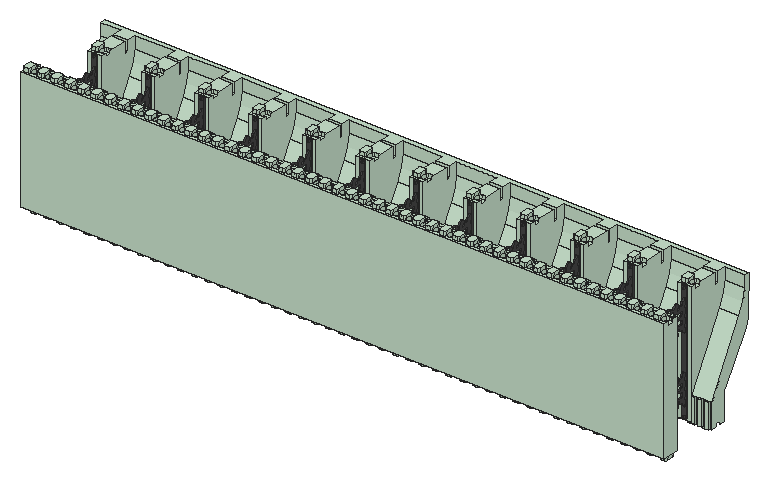
Revit family (continued)
Definition of nested family "6-inch Web"
  Forms (in)
    Extrusion 1, solid, material "Polypropylene- NUDURA"
      sketch origin (0, 0, -0.5) x (0, 1, 0) y (0, 0, 1)
        loop
          arc (-1.15988, 15.94913) -> (-1.32045, 16.2643) -> (-1.60829, 16.46988) r 0.745
          arc (-1.60829, 16.46988) -> (-1.89426, 16.34734) -> (-1.77171, 16.06136) r 0.22
          arc (-1.77171, 16.06136) -> (-1.74446, 15.50749) -> (-2.18179, 15.84845) r 0.305
          arc (-2.18179, 15.84845) -> (-2.20889, 15.93583) -> (-2.29847, 15.95435) r 0.09
          arc (-2.29847, 15.95435) -> (-2.49379, 15.9052) -> (-2.695, 15.89617) r 1
          line (-2.695, 15.89617) -> (-2.80974, 15.89617) -> (-2.80974, 15.9662) -> (-2.7525, 15.9662)
          arc (-2.7525, 15.9662) -> (-2.7083, 15.98451) -> (-2.69, 16.0287) r 0.0625
          line (-2.69, 16.0287) -> (-2.69, 16.0962)
          arc (-2.69, 16.0962) -> (-2.73587, 16.24054) -> (-2.85666, 16.3319) r 0.25
          arc (-2.85666, 16.3319) -> (-3.09824, 16.51463) -> (-3.19, 16.80331) r 0.5
          line (-3.19, 16.80331) -> (-3.19, 15.9037)
          arc (-3.19, 15.9037) -> (-3.17169, 15.9479) -> (-3.1275, 15.9662) r 0.0625
          line (-3.1275, 15.9662) -> (-2.8844, 15.9662) -> (-2.8844, 15.89617) -> (-2.995, 15.89617) -> (-2.995, 15.3962) -> (-2.8844, 15.3962) -> (-2.8844, 15.3262) -> (-3.1275, 15.3262)
          arc (-3.1275, 15.3262) -> (-3.17169, 15.34451) -> (-3.19, 15.3887) r 0.0625
          line (-3.19, 15.3887) -> (-3.19, 14.6037)
          arc (-3.19, 14.6037) -> (-3.17169, 14.6479) -> (-3.1275, 14.6662) r 0.0625
          line (-3.1275, 14.6662) -> (-2.8844, 14.6662) -> (-2.8844, 14.5962) -> (-2.995, 14.5962) -> (-2.995, 14.0962) -> (-2.8844, 14.0962) -> (-2.8844, 14.0262) -> (-3.1275, 14.0262)
          arc (-3.1275, 14.0262) -> (-3.17169, 14.04451) -> (-3.19, 14.0887) r 0.0625
          line (-3.19, 14.0887) -> (-3.19, 13.3037)
          arc (-3.19, 13.3037) -> (-3.17169, 13.3479) -> (-3.1275, 13.3662) r 0.0625
          line (-3.1275, 13.3662) -> (-2.8844, 13.3662) -> (-2.8844, 13.2962) -> (-2.995, 13.2962) -> (-2.995, 12.79623) -> (-2.8844, 12.79623) -> (-2.8844, 12.7262) -> (-3.1275, 12.7262)
          arc (-3.1275, 12.7262) -> (-3.17169, 12.74451) -> (-3.19, 12.7887) r 0.0625
          line (-3.19, 12.7887) -> (-3.19, 12.1891) -> (-3.09, 12.1891)
          arc (-3.09, 12.1891) -> (-2.98601, 12.29206) -> (-2.85666, 12.3605) r 0.5
          arc (-2.85666, 12.3605) -> (-2.73587, 12.45187) -> (-2.69, 12.5962) r 0.25
          line (-2.69, 12.5962) -> (-2.69, 12.6637)
          arc (-2.69, 12.6637) -> (-2.7083, 12.7079) -> (-2.7525, 12.7262) r 0.0625
          line (-2.7525, 12.7262) -> (-2.80974, 12.7262) -> (-2.80974, 12.79623) -> (-2.695, 12.79623)
          arc (-2.695, 12.79623) -> (-2.49379, 12.78721) -> (-2.29847, 12.73805) r 1
          arc (-2.29847, 12.73805) -> (-2.20889, 12.75657) -> (-2.18179, 12.84395) r 0.09
          arc (-2.18179, 12.84395) -> (-1.74446, 13.18492) -> (-1.77171, 12.63104) r 0.305
          arc (-1.77171, 12.63104) -> (-1.89426, 12.34507) -> (-1.60829, 12.22252) r 0.22
          arc (-1.60829, 12.22252) -> (-1.32045, 12.42811) -> (-1.15988, 12.74328) r 0.745
          arc (-1.15988, 12.74328) -> (-1.09328, 13.05473) -> (-0.99404, 13.35736) r 3
          arc (-0.99404, 13.35736) -> (-0.48542, 13.4234) -> (-0.63581, 12.93305) r 0.305
          arc (-0.63581, 12.93305) -> (-0.81067, 12.70873) -> (-0.64859, 12.47501) r 0.24
          arc (-0.64859, 12.47501) -> (-0.32877, 12.39413) -> (0, 12.36692) r 2
          arc (0, 12.36692) -> (0.32877, 12.39413) -> (0.64859, 12.47501) r 2
          arc (0.64859, 12.47501) -> (0.81067, 12.70873) -> (0.63581, 12.93305) r 0.24
          arc (0.63581, 12.93305) -> (0.48542, 13.4234) -> (0.99404, 13.35736) r 0.305
          arc (0.99404, 13.35736) -> (1.09328, 13.05473) -> (1.15988, 12.74328) r 3
          arc (1.15988, 12.74328) -> (1.32045, 12.42811) -> (1.60829, 12.22252) r 0.745
          arc (1.60829, 12.22252) -> (1.89426, 12.34507) -> (1.77171, 12.63104) r 0.22
          arc (1.77171, 12.63104) -> (1.74446, 13.18492) -> (2.18179, 12.84395) r 0.305
          arc (2.18179, 12.84395) -> (2.20889, 12.75657) -> (2.29847, 12.73805) r 0.09
          arc (2.29847, 12.73805) -> (2.49379, 12.78721) -> (2.695, 12.79623) r 1
          line (2.695, 12.79623) -> (2.80974, 12.79623) -> (2.80974, 12.7262) -> (2.7525, 12.7262)
          arc (2.7525, 12.7262) -> (2.7083, 12.7079) -> (2.69, 12.6637) r 0.0625
          line (2.69, 12.6637) -> (2.69, 12.5962)
          arc (2.69, 12.5962) -> (2.73587, 12.45187) -> (2.85666, 12.3605) r 0.25
          arc (2.85666, 12.3605) -> (2.98601, 12.29206) -> (3.09, 12.1891) r 0.5
          line (3.09, 12.1891) -> (3.19, 12.1891) -> (3.19, 12.7887)
          arc (3.19, 12.7887) -> (3.17169, 12.74451) -> (3.1275, 12.7262) r 0.0625
          line (3.1275, 12.7262) -> (2.8844, 12.7262) -> (2.8844, 12.79623) -> (2.995, 12.79623) -> (2.995, 13.2962) -> (2.8844, 13.2962) -> (2.8844, 13.3662) -> (3.1275, 13.3662)
          arc (3.1275, 13.3662) -> (3.17169, 13.3479) -> (3.19, 13.3037) r 0.0625
          line (3.19, 13.3037) -> (3.19, 14.0887)
          arc (3.19, 14.0887) -> (3.17169, 14.04451) -> (3.1275, 14.0262) r 0.0625
          line (3.1275, 14.0262) -> (2.8844, 14.0262) -> (2.8844, 14.0962) -> (2.995, 14.0962) -> (2.995, 14.5962) -> (2.8844, 14.5962) -> (2.8844, 14.6662) -> (3.1275, 14.6662)
          arc (3.1275, 14.6662) -> (3.17169, 14.6479) -> (3.19, 14.6037) r 0.0625
          line (3.19, 14.6037) -> (3.19, 15.3887)
          arc (3.19, 15.3887) -> (3.17169, 15.34451) -> (3.1275, 15.3262) r 0.0625
          line (3.1275, 15.3262) -> (2.8844, 15.3262) -> (2.8844, 15.3962) -> (2.995, 15.3962)
        loop
          line (0.38913, 14.4362) -> (1.98527, 14.4362)
          arc (1.98527, 14.4362) -> (2.29477, 14.47239) -> (2.59139, 14.56787) r 1.6
          arc (2.59139, 14.56787) -> (2.64143, 14.5885) -> (2.695, 14.5962) r 0.21872
          line (2.695, 14.5962) -> (2.80974, 14.5962) -> (2.80974, 14.6662) -> (2.7525, 14.6662)
          arc (2.7525, 14.6662) -> (2.7083, 14.68451) -> (2.69, 14.7287) r 0.0625
          line (2.69, 14.7287) -> (2.69, 15.2637)
          arc (2.69, 15.2637) -> (2.7083, 15.3079) -> (2.7525, 15.3262) r 0.0625
          line (2.7525, 15.3262) -> (2.80974, 15.3262) -> (2.80974, 15.3962) -> (2.695, 15.3962)
          arc (2.695, 15.3962) -> (2.62256, 15.38693) -> (2.551, 15.3724) r 1
          line (2.551, 15.3724) -> (0.33976, 14.89084)
          arc (0.33976, 14.89084) -> (0.16047, 14.64137) -> (0.38913, 14.4362) r 0.23
        loop
          arc (2.695, 14.0962) -> (2.64143, 14.10391) -> (2.59139, 14.12453) r 0.21872
          arc (2.59139, 14.12453) -> (2.29477, 14.22002) -> (1.98527, 14.2562) r 1.6
          line (1.98527, 14.2562) -> (0.38913, 14.2562)
          arc (0.38913, 14.2562) -> (0.16047, 14.05103) -> (0.33976, 13.80156) r 0.23
          line (0.33976, 13.80156) -> (2.551, 13.32001)
          arc (2.551, 13.32001) -> (2.62256, 13.30547) -> (2.695, 13.2962) r 1
          line (2.695, 13.2962) -> (2.80974, 13.2962) -> (2.80974, 13.3662) -> (2.7525, 13.3662)
          arc (2.7525, 13.3662) -> (2.7083, 13.38451) -> (2.69, 13.4287) r 0.0625
          line (2.69, 13.4287) -> (2.69, 13.9637)
          arc (2.69, 13.9637) -> (2.7083, 14.0079) -> (2.7525, 14.0262) r 0.0625
          line (2.7525, 14.0262) -> (2.80974, 14.0262) -> (2.80974, 14.0962) -> (2.695, 14.0962)
        loop
          arc (-2.59482, 15.38194) -> (-2.64473, 15.39034) -> (-2.695, 15.3962) r 1
          line (-2.695, 15.3962) -> (-2.80974, 15.3962) -> (-2.80974, 15.3262) -> (-2.7525, 15.3262)
          arc (-2.7525, 15.3262) -> (-2.7083, 15.3079) -> (-2.69, 15.2637) r 0.0625
          line (-2.69, 15.2637) -> (-2.69, 14.7287)
          arc (-2.69, 14.7287) -> (-2.7083, 14.68451) -> (-2.7525, 14.6662) r 0.0625
          line (-2.7525, 14.6662) -> (-2.80974, 14.6662) -> (-2.80974, 14.5962) -> (-2.695, 14.5962)
          arc (-2.695, 14.5962) -> (-2.64143, 14.5885) -> (-2.59139, 14.56787) r 0.21872
          arc (-2.59139, 14.56787) -> (-2.29477, 14.47239) -> (-1.98527, 14.4362) r 1.6
          line (-1.98527, 14.4362) -> (-0.38913, 14.4362)
          arc (-0.38913, 14.4362) -> (-0.16047, 14.64137) -> (-0.33976, 14.89084) r 0.23
          line (-0.33976, 14.89084) -> (-2.59482, 15.38194)
        loop
          line (-2.695, 14.0962) -> (-2.80974, 14.0962) -> (-2.80974, 14.0262) -> (-2.7525, 14.0262)
          arc (-2.7525, 14.0262) -> (-2.7083, 14.0079) -> (-2.69, 13.9637) r 0.0625
          line (-2.69, 13.9637) -> (-2.69, 13.4287)
          arc (-2.69, 13.4287) -> (-2.7083, 13.38451) -> (-2.7525, 13.3662) r 0.0625
          line (-2.7525, 13.3662) -> (-2.80974, 13.3662) -> (-2.80974, 13.2962) -> (-2.695, 13.2962)
          arc (-2.695, 13.2962) -> (-2.62256, 13.30547) -> (-2.551, 13.32001) r 1
          line (-2.551, 13.32001) -> (-0.33976, 13.80156)
          arc (-0.33976, 13.80156) -> (-0.16047, 14.05103) -> (-0.38913, 14.2562) r 0.23
          line (-0.38913, 14.2562) -> (-1.98527, 14.2562)
          arc (-1.98527, 14.2562) -> (-2.29477, 14.22002) -> (-2.59139, 14.12453) r 1.6
          arc (-2.59139, 14.12453) -> (-2.64143, 14.10391) -> (-2.695, 14.0962) r 0.21872
        loop
          line (3.19, 18.01497) -> (3.19, 18.26376)
          arc (3.19, 18.26376) -> (3.18585, 18.24855) -> (3.17457, 18.23754) r 0.03
          line (3.17457, 18.23754) -> (3.00543, 18.14357)
          arc (3.00543, 18.14357) -> (2.99414, 18.13256) -> (2.99, 18.11735) r 0.03
          line (2.99, 18.11735) -> (2.99, 18.04614)
          arc (2.99, 18.04614) -> (2.99625, 18.03161) -> (3.01111, 18.02617) r 0.02
          line (3.01111, 18.02617) -> (3.16889, 18.03494)
          arc (3.16889, 18.03494) -> (3.18374, 18.0295) -> (3.19, 18.01497) r 0.02
        loop
          arc (-3.19, 18.01497) -> (-3.18374, 18.0295) -> (-3.16889, 18.03494) r 0.02
          line (-3.16889, 18.03494) -> (-3.01111, 18.02617)
          arc (-3.01111, 18.02617) -> (-2.99625, 18.03161) -> (-2.99, 18.04614) r 0.02
          line (-2.99, 18.04614) -> (-2.99, 18.11735)
          arc (-2.99, 18.11735) -> (-2.99414, 18.13256) -> (-3.00543, 18.14357) r 0.03
          line (-3.00543, 18.14357) -> (-3.17457, 18.23754)
          arc (-3.17457, 18.23754) -> (-3.18585, 18.24855) -> (-3.19, 18.26376) r 0.03
          line (-3.19, 18.26376) -> (-3.19, 18.01497)
      from -0.125 to 0.125
    Extrusion 2, solid, material "Polypropylene- NUDURA"
      sketch origin (0, 0, 0) x (0, 1, 0) y (0, 0, 1)
        loop
          line (3.19, 17.8125) -> (3.19, 0.1875)
          arc (3.19, 0.1875) -> (3.2092, 0.14243) -> (3.255, 0.12505) r 0.0625
          arc (3.255, 0.12505) -> (3.3008, 0.14243) -> (3.32, 0.1875) r 0.0625
          line (3.32, 0.1875) -> (3.32, 17.8125)
          arc (3.32, 17.8125) -> (3.3008, 17.85757) -> (3.255, 17.87495) r 0.0625
          arc (3.255, 17.87495) -> (3.2092, 17.85757) -> (3.19, 17.8125) r 0.0625
        loop
          arc (-3.19, 17.8125) -> (-3.2092, 17.85757) -> (-3.255, 17.87495) r 0.0625
          arc (-3.255, 17.87495) -> (-3.3008, 17.85757) -> (-3.32, 17.8125) r 0.0625
          line (-3.32, 17.8125) -> (-3.32, 0.1875)
          arc (-3.32, 0.1875) -> (-3.3008, 0.14243) -> (-3.255, 0.12505) r 0.0625
          arc (-3.255, 0.12505) -> (-3.2092, 0.14243) -> (-3.19, 0.1875) r 0.0625
          line (-3.19, 0.1875) -> (-3.19, 17.8125)
      from -0.36328 to 0.36328
Definition of nested family "NUDURA Diamond Pattern"
  Reference planes (in)
    plane 1 "Center (Front/Back)": y = 0
    plane 2: z = 0
    plane 3 "Center (Left/Right)": x = 0
    plane 4: z = 18
  Lines and regions (in)
    model lines
      curve 1: line (8, -5.625, 18) -> (8, -5.625, 0)
      curve 2: line (6, -5.625, 18) -> (6, -5.625, 0)
      curve 3: line (2, -5.625, 18) -> (2, -5.625, 0)
      curve 4: line (3.35367, -5.625, 16.98484) -> (3.69709, -5.625, 16.64142)
      curve 5: arc (3.35367, -5.625, 17.51517) -> (3.24384, -5.625, 17.25) -> (3.35367, -5.625, 16.98484) r 0.375
      curve 6: line (3.72867, -5.625, 17.89017) -> (3.35367, -5.625, 17.51517)
      curve 7: arc (4.259, -5.625, 17.89017) -> (3.99384, -5.625, 18) -> (3.72867, -5.625, 17.89017) r 0.375
      curve 8: line (4.634, -5.625, 17.51517) -> (4.259, -5.625, 17.89017)
      curve 9: arc (4.634, -5.625, 16.98484) -> (4.74384, -5.625, 17.25) -> (4.634, -5.625, 17.51517) r 0.375
      curve 10: line (4.29059, -5.625, 16.64142) -> (4.634, -5.625, 16.98484)
      curve 11: arc (4.17062, -5.625, 17.80178) -> (3.99384, -5.625, 17.875) -> (3.81706, -5.625, 17.80178) r 0.25
      curve 12: line (4.54562, -5.625, 17.42678) -> (4.17062, -5.625, 17.80178)
      curve 13: arc (4.54562, -5.625, 17.07322) -> (4.61884, -5.625, 17.25) -> (4.54562, -5.625, 17.42678) r 0.25
      curve 14: line (4.17062, -5.625, 16.69822) -> (4.54562, -5.625, 17.07322)
      curve 15: arc (3.81706, -5.625, 16.69822) -> (3.99384, -5.625, 16.625) -> (4.17062, -5.625, 16.69822) r 0.25
      curve 16: line (3.44206, -5.625, 17.07322) -> (3.81706, -5.625, 16.69822)
      curve 17: arc (3.44206, -5.625, 17.42678) -> (3.36884, -5.625, 17.25) -> (3.44206, -5.625, 17.07322) r 0.25
      curve 18: line (3.81706, -5.625, 17.80178) -> (3.44206, -5.625, 17.42678)
      curve 19: arc (3.69709, -5.625, 16.35858) -> (3.75567, -5.625, 16.5) -> (3.69709, -5.625, 16.64142) r 0.2
      curve 20: line (4.634, -5.625, 16.01517) -> (4.29059, -5.625, 16.35858)
      curve 21: arc (4.634, -5.625, 15.48484) -> (4.74384, -5.625, 15.75) -> (4.634, -5.625, 16.01517) r 0.375
      curve 22: line (4.29059, -5.625, 15.14142) -> (4.634, -5.625, 15.48484)
      curve 23: line (3.35367, -5.625, 15.48484) -> (3.69709, -5.625, 15.14142)
      curve 24: arc (3.35367, -5.625, 16.01517) -> (3.24384, -5.625, 15.75) -> (3.35367, -5.625, 15.48484) r 0.375
      curve 25: line (3.69709, -5.625, 16.35858) -> (3.35367, -5.625, 16.01517)
      curve 26: arc (4.17062, -5.625, 16.30178) -> (3.99384, -5.625, 16.375) -> (3.81706, -5.625, 16.30178) r 0.25
      curve 27: line (3.81706, -5.625, 16.30178) -> (3.44206, -5.625, 15.92678)
      curve 28: arc (3.44206, -5.625, 15.92678) -> (3.36884, -5.625, 15.75) -> (3.44206, -5.625, 15.57322) r 0.25
      curve 29: line (3.44206, -5.625, 15.57322) -> (3.81706, -5.625, 15.19822)
      curve 30: arc (3.81706, -5.625, 15.19822) -> (3.99384, -5.625, 15.125) -> (4.17062, -5.625, 15.19822) r 0.25
      curve 31: line (4.17062, -5.625, 15.19822) -> (4.54562, -5.625, 15.57322)
      curve 32: arc (4.54562, -5.625, 15.57322) -> (4.61884, -5.625, 15.75) -> (4.54562, -5.625, 15.92678) r 0.25
      curve 33: line (4.54562, -5.625, 15.92678) -> (4.17062, -5.625, 16.30178)
      curve 34: arc (3.69709, -5.625, 14.85858) -> (3.75567, -5.625, 15) -> (3.69709, -5.625, 15.14142) r 0.2
      curve 35: line (4.634, -5.625, 14.51517) -> (4.29059, -5.625, 14.85858)
      curve 36: arc (4.634, -5.625, 13.98484) -> (4.74384, -5.625, 14.25) -> (4.634, -5.625, 14.51517) r 0.375
      curve 37: line (4.29059, -5.625, 13.64142) -> (4.634, -5.625, 13.98484)
      curve 38: line (3.35367, -5.625, 13.98484) -> (3.69709, -5.625, 13.64142)
      curve 39: arc (3.35367, -5.625, 14.51517) -> (3.24384, -5.625, 14.25) -> (3.35367, -5.625, 13.98484) r 0.375
      curve 40: line (3.69709, -5.625, 14.85858) -> (3.35367, -5.625, 14.51517)
      curve 41: arc (4.17062, -5.625, 14.80178) -> (3.99384, -5.625, 14.875) -> (3.81706, -5.625, 14.80178) r 0.25
      curve 42: line (3.81706, -5.625, 14.80178) -> (3.44206, -5.625, 14.42678)
      curve 43: arc (3.44206, -5.625, 14.42678) -> (3.36884, -5.625, 14.25) -> (3.44206, -5.625, 14.07322) r 0.25
      curve 44: line (3.44206, -5.625, 14.07322) -> (3.81706, -5.625, 13.69822)
      curve 45: arc (3.81706, -5.625, 13.69822) -> (3.99384, -5.625, 13.625) -> (4.17062, -5.625, 13.69822) r 0.25
      curve 46: line (4.17062, -5.625, 13.69822) -> (4.54562, -5.625, 14.07322)
      curve 47: arc (4.54562, -5.625, 14.07322) -> (4.61884, -5.625, 14.25) -> (4.54562, -5.625, 14.42678) r 0.25
      curve 48: line (4.54562, -5.625, 14.42678) -> (4.17062, -5.625, 14.80178)
      curve 49: arc (3.69709, -5.625, 13.35858) -> (3.75567, -5.625, 13.5) -> (3.69709, -5.625, 13.64142) r 0.2
      curve 50: line (4.634, -5.625, 13.01517) -> (4.29059, -5.625, 13.35858)
      curve 51: arc (4.634, -5.625, 12.48484) -> (4.74384, -5.625, 12.75) -> (4.634, -5.625, 13.01517) r 0.375
      curve 52: line (4.29059, -5.625, 12.14142) -> (4.634, -5.625, 12.48484)
      curve 53: line (3.35367, -5.625, 12.48484) -> (3.69709, -5.625, 12.14142)
      curve 54: arc (3.35367, -5.625, 13.01517) -> (3.24384, -5.625, 12.75) -> (3.35367, -5.625, 12.48484) r 0.375
      curve 55: line (3.69709, -5.625, 13.35858) -> (3.35367, -5.625, 13.01517)
      curve 56: arc (4.17062, -5.625, 13.30178) -> (3.99384, -5.625, 13.375) -> (3.81706, -5.625, 13.30178) r 0.25
      curve 57: line (3.81706, -5.625, 13.30178) -> (3.44206, -5.625, 12.92678)
      curve 58: arc (3.44206, -5.625, 12.92678) -> (3.36884, -5.625, 12.75) -> (3.44206, -5.625, 12.57322) r 0.25
      curve 59: line (3.44206, -5.625, 12.57322) -> (3.81706, -5.625, 12.19822)
      curve 60: arc (3.81706, -5.625, 12.19822) -> (3.99384, -5.625, 12.125) -> (4.17062, -5.625, 12.19822) r 0.25
      curve 61: line (4.17062, -5.625, 12.19822) -> (4.54562, -5.625, 12.57322)
      curve 62: arc (4.54562, -5.625, 12.57322) -> (4.61884, -5.625, 12.75) -> (4.54562, -5.625, 12.92678) r 0.25
      curve 63: line (4.54562, -5.625, 12.92678) -> (4.17062, -5.625, 13.30178)
      curve 64: arc (3.69709, -5.625, 11.85858) -> (3.75567, -5.625, 12) -> (3.69709, -5.625, 12.14142) r 0.2
      curve 65: line (4.634, -5.625, 11.51517) -> (4.29059, -5.625, 11.85858)
      curve 66: arc (4.634, -5.625, 10.98484) -> (4.74384, -5.625, 11.25) -> (4.634, -5.625, 11.51517) r 0.375
      curve 67: line (4.29059, -5.625, 10.64142) -> (4.634, -5.625, 10.98484)
      curve 68: line (3.35367, -5.625, 10.98484) -> (3.69709, -5.625, 10.64142)
      curve 69: arc (3.35367, -5.625, 11.51517) -> (3.24384, -5.625, 11.25) -> (3.35367, -5.625, 10.98484) r 0.375
      curve 70: line (3.69709, -5.625, 11.85858) -> (3.35367, -5.625, 11.51517)
      curve 71: arc (4.17062, -5.625, 11.80178) -> (3.99384, -5.625, 11.875) -> (3.81706, -5.625, 11.80178) r 0.25
      curve 72: line (3.81706, -5.625, 11.80178) -> (3.44206, -5.625, 11.42678)
      curve 73: arc (3.44206, -5.625, 11.42678) -> (3.36884, -5.625, 11.25) -> (3.44206, -5.625, 11.07322) r 0.25
      curve 74: line (3.44206, -5.625, 11.07322) -> (3.81706, -5.625, 10.69822)
      curve 75: arc (3.81706, -5.625, 10.69822) -> (3.99384, -5.625, 10.625) -> (4.17062, -5.625, 10.69822) r 0.25
      curve 76: line (4.17062, -5.625, 10.69822) -> (4.54562, -5.625, 11.07322)
      curve 77: arc (4.54562, -5.625, 11.07322) -> (4.61884, -5.625, 11.25) -> (4.54562, -5.625, 11.42678) r 0.25
      curve 78: line (4.54562, -5.625, 11.42678) -> (4.17062, -5.625, 11.80178)
      curve 79: arc (3.69709, -5.625, 10.35858) -> (3.75567, -5.625, 10.5) -> (3.69709, -5.625, 10.64142) r 0.2
      curve 80: line (4.634, -5.625, 10.01517) -> (4.29059, -5.625, 10.35858)
      curve 81: arc (4.634, -5.625, 9.48484) -> (4.74384, -5.625, 9.75) -> (4.634, -5.625, 10.01517) r 0.375
      curve 82: line (4.29059, -5.625, 9.14142) -> (4.634, -5.625, 9.48484)
      curve 83: line (3.35367, -5.625, 9.48484) -> (3.69709, -5.625, 9.14142)
      curve 84: arc (3.35367, -5.625, 10.01517) -> (3.24384, -5.625, 9.75) -> (3.35367, -5.625, 9.48484) r 0.375
      curve 85: line (3.69709, -5.625, 10.35858) -> (3.35367, -5.625, 10.01517)
      curve 86: arc (4.17062, -5.625, 10.30178) -> (3.99384, -5.625, 10.375) -> (3.81706, -5.625, 10.30178) r 0.25
      curve 87: line (3.81706, -5.625, 10.30178) -> (3.44206, -5.625, 9.92678)
      curve 88: arc (3.44206, -5.625, 9.92678) -> (3.36884, -5.625, 9.75) -> (3.44206, -5.625, 9.57322) r 0.25
      curve 89: line (3.44206, -5.625, 9.57322) -> (3.81706, -5.625, 9.19822)
      curve 90: arc (3.81706, -5.625, 9.19822) -> (3.99384, -5.625, 9.125) -> (4.17062, -5.625, 9.19822) r 0.25
      curve 91: line (4.17062, -5.625, 9.19822) -> (4.54562, -5.625, 9.57322)
      curve 92: arc (4.54562, -5.625, 9.57322) -> (4.61884, -5.625, 9.75) -> (4.54562, -5.625, 9.92678) r 0.25
      curve 93: line (4.54562, -5.625, 9.92678) -> (4.17062, -5.625, 10.30178)
      curve 94: arc (3.69709, -5.625, 8.85858) -> (3.75567, -5.625, 9) -> (3.69709, -5.625, 9.14142) r 0.2
      curve 95: line (4.634, -5.625, 8.51517) -> (4.29059, -5.625, 8.85858)
      curve 96: arc (4.634, -5.625, 7.98484) -> (4.74384, -5.625, 8.25) -> (4.634, -5.625, 8.51517) r 0.375
      curve 97: line (4.29059, -5.625, 7.64142) -> (4.634, -5.625, 7.98484)
      curve 98: line (3.35367, -5.625, 7.98484) -> (3.69709, -5.625, 7.64142)
      curve 99: arc (3.35367, -5.625, 8.51517) -> (3.24384, -5.625, 8.25) -> (3.35367, -5.625, 7.98484) r 0.375
      curve 100: line (3.69709, -5.625, 8.85858) -> (3.35367, -5.625, 8.51517)
      curve 101: arc (4.17062, -5.625, 8.80178) -> (3.99384, -5.625, 8.875) -> (3.81706, -5.625, 8.80178) r 0.25
      curve 102: line (3.81706, -5.625, 8.80178) -> (3.44206, -5.625, 8.42678)
      curve 103: arc (3.44206, -5.625, 8.42678) -> (3.36884, -5.625, 8.25) -> (3.44206, -5.625, 8.07322) r 0.25
      curve 104: line (3.44206, -5.625, 8.07322) -> (3.81706, -5.625, 7.69822)
      curve 105: arc (3.81706, -5.625, 7.69822) -> (3.99384, -5.625, 7.625) -> (4.17062, -5.625, 7.69822) r 0.25
      curve 106: line (4.17062, -5.625, 7.69822) -> (4.54562, -5.625, 8.07322)
      curve 107: arc (4.54562, -5.625, 8.07322) -> (4.61884, -5.625, 8.25) -> (4.54562, -5.625, 8.42678) r 0.25
      curve 108: line (4.54562, -5.625, 8.42678) -> (4.17062, -5.625, 8.80178)
      curve 109: arc (3.69709, -5.625, 7.35858) -> (3.75567, -5.625, 7.5) -> (3.69709, -5.625, 7.64142) r 0.2
      curve 110: line (4.634, -5.625, 7.01517) -> (4.29059, -5.625, 7.35858)
      curve 111: arc (4.634, -5.625, 6.48484) -> (4.74384, -5.625, 6.75) -> (4.634, -5.625, 7.01517) r 0.375
      curve 112: line (4.29059, -5.625, 6.14142) -> (4.634, -5.625, 6.48484)
      curve 113: line (3.35367, -5.625, 6.48484) -> (3.69709, -5.625, 6.14142)
      curve 114: arc (3.35367, -5.625, 7.01517) -> (3.24384, -5.625, 6.75) -> (3.35367, -5.625, 6.48484) r 0.375
      curve 115: line (3.69709, -5.625, 7.35858) -> (3.35367, -5.625, 7.01517)
      curve 116: arc (4.17062, -5.625, 7.30178) -> (3.99384, -5.625, 7.375) -> (3.81706, -5.625, 7.30178) r 0.25
      curve 117: line (3.81706, -5.625, 7.30178) -> (3.44206, -5.625, 6.92678)
      curve 118: arc (3.44206, -5.625, 6.92678) -> (3.36884, -5.625, 6.75) -> (3.44206, -5.625, 6.57322) r 0.25
      curve 119: line (3.44206, -5.625, 6.57322) -> (3.81706, -5.625, 6.19822)
      curve 120: arc (3.81706, -5.625, 6.19822) -> (3.99384, -5.625, 6.125) -> (4.17062, -5.625, 6.19822) r 0.25
      curve 121: line (4.17062, -5.625, 6.19822) -> (4.54562, -5.625, 6.57322)
      curve 122: arc (4.54562, -5.625, 6.57322) -> (4.61884, -5.625, 6.75) -> (4.54562, -5.625, 6.92678) r 0.25
      curve 123: line (4.54562, -5.625, 6.92678) -> (4.17062, -5.625, 7.30178)
      curve 124: arc (3.69709, -5.625, 5.85858) -> (3.75567, -5.625, 6) -> (3.69709, -5.625, 6.14142) r 0.2
      curve 125: line (4.634, -5.625, 5.51517) -> (4.29059, -5.625, 5.85858)
      curve 126: arc (4.634, -5.625, 4.98484) -> (4.74384, -5.625, 5.25) -> (4.634, -5.625, 5.51517) r 0.375
      curve 127: line (4.29059, -5.625, 4.64142) -> (4.634, -5.625, 4.98484)
      curve 128: line (3.35367, -5.625, 4.98484) -> (3.69709, -5.625, 4.64142)
      curve 129: arc (3.35367, -5.625, 5.51517) -> (3.24384, -5.625, 5.25) -> (3.35367, -5.625, 4.98484) r 0.375
      curve 130: line (3.69709, -5.625, 5.85858) -> (3.35367, -5.625, 5.51517)
      curve 131: arc (4.17062, -5.625, 5.80178) -> (3.99384, -5.625, 5.875) -> (3.81706, -5.625, 5.80178) r 0.25
      curve 132: line (3.81706, -5.625, 5.80178) -> (3.44206, -5.625, 5.42678)
      curve 133: arc (3.44206, -5.625, 5.42678) -> (3.36884, -5.625, 5.25) -> (3.44206, -5.625, 5.07322) r 0.25
      curve 134: line (3.44206, -5.625, 5.07322) -> (3.81706, -5.625, 4.69822)
      curve 135: arc (3.81706, -5.625, 4.69822) -> (3.99384, -5.625, 4.625) -> (4.17062, -5.625, 4.69822) r 0.25
      curve 136: line (4.17062, -5.625, 4.69822) -> (4.54562, -5.625, 5.07322)
      curve 137: arc (4.54562, -5.625, 5.07322) -> (4.61884, -5.625, 5.25) -> (4.54562, -5.625, 5.42678) r 0.25
      curve 138: line (4.54562, -5.625, 5.42678) -> (4.17062, -5.625, 5.80178)
      curve 139: arc (3.69709, -5.625, 4.35858) -> (3.75567, -5.625, 4.5) -> (3.69709, -5.625, 4.64142) r 0.2
      curve 140: line (4.634, -5.625, 4.01517) -> (4.29059, -5.625, 4.35858)
      curve 141: arc (4.634, -5.625, 3.48484) -> (4.74384, -5.625, 3.75) -> (4.634, -5.625, 4.01517) r 0.375
      curve 142: line (4.29059, -5.625, 3.14142) -> (4.634, -5.625, 3.48484)
      curve 143: line (3.35367, -5.625, 3.48484) -> (3.69709, -5.625, 3.14142)
      curve 144: arc (3.35367, -5.625, 4.01517) -> (3.24384, -5.625, 3.75) -> (3.35367, -5.625, 3.48484) r 0.375
      curve 145: line (3.69709, -5.625, 4.35858) -> (3.35367, -5.625, 4.01517)
      curve 146: arc (4.17062, -5.625, 4.30178) -> (3.99384, -5.625, 4.375) -> (3.81706, -5.625, 4.30178) r 0.25
      curve 147: line (3.81706, -5.625, 4.30178) -> (3.44206, -5.625, 3.92678)
      curve 148: arc (3.44206, -5.625, 3.92678) -> (3.36884, -5.625, 3.75) -> (3.44206, -5.625, 3.57322) r 0.25
      curve 149: line (3.44206, -5.625, 3.57322) -> (3.81706, -5.625, 3.19822)
      curve 150: arc (3.81706, -5.625, 3.19822) -> (3.99384, -5.625, 3.125) -> (4.17062, -5.625, 3.19822) r 0.25
      curve 151: line (4.17062, -5.625, 3.19822) -> (4.54562, -5.625, 3.57322)
      curve 152: arc (4.54562, -5.625, 3.57322) -> (4.61884, -5.625, 3.75) -> (4.54562, -5.625, 3.92678) r 0.25
      curve 153: line (4.54562, -5.625, 3.92678) -> (4.17062, -5.625, 4.30178)
      curve 154: arc (3.69709, -5.625, 2.85858) -> (3.75567, -5.625, 3) -> (3.69709, -5.625, 3.14142) r 0.2
      curve 155: line (4.634, -5.625, 2.51517) -> (4.29059, -5.625, 2.85858)
      curve 156: arc (4.634, -5.625, 1.98484) -> (4.74384, -5.625, 2.25) -> (4.634, -5.625, 2.51517) r 0.375
      curve 157: line (4.29059, -5.625, 1.64142) -> (4.634, -5.625, 1.98484)
      curve 158: line (3.35367, -5.625, 1.98484) -> (3.69709, -5.625, 1.64142)
      curve 159: arc (3.35367, -5.625, 2.51517) -> (3.24384, -5.625, 2.25) -> (3.35367, -5.625, 1.98484) r 0.375
      curve 160: line (3.69709, -5.625, 2.85858) -> (3.35367, -5.625, 2.51517)
      curve 161: arc (4.17062, -5.625, 2.80178) -> (3.99384, -5.625, 2.875) -> (3.81706, -5.625, 2.80178) r 0.25
      curve 162: line (3.81706, -5.625, 2.80178) -> (3.44206, -5.625, 2.42678)
      curve 163: arc (3.44206, -5.625, 2.42678) -> (3.36884, -5.625, 2.25) -> (3.44206, -5.625, 2.07322) r 0.25
      curve 164: line (3.44206, -5.625, 2.07322) -> (3.81706, -5.625, 1.69822)
      curve 165: arc (3.81706, -5.625, 1.69822) -> (3.99384, -5.625, 1.625) -> (4.17062, -5.625, 1.69822) r 0.25
      curve 166: line (4.17062, -5.625, 1.69822) -> (4.54562, -5.625, 2.07322)
      curve 167: arc (4.54562, -5.625, 2.07322) -> (4.61884, -5.625, 2.25) -> (4.54562, -5.625, 2.42678) r 0.25
      curve 168: line (4.54562, -5.625, 2.42678) -> (4.17062, -5.625, 2.80178)
      curve 169: arc (3.69709, -5.625, 1.35858) -> (3.75567, -5.625, 1.5) -> (3.69709, -5.625, 1.64142) r 0.2
      curve 170: line (3.69709, -5.625, 1.35858) -> (3.35367, -5.625, 1.01517)
      curve 171: arc (3.35367, -5.625, 1.01517) -> (3.24384, -5.625, 0.75) -> (3.35367, -5.625, 0.48484) r 0.375
      curve 172: line (3.35367, -5.625, 0.48484) -> (3.72867, -5.625, 0.10984)
      curve 173: arc (3.72867, -5.625, 0.10984) -> (3.99384, -5.625, 0) -> (4.259, -5.625, 0.10984) r 0.375
      curve 174: line (4.259, -5.625, 0.10984) -> (4.634, -5.625, 0.48484)
      curve 175: arc (4.634, -5.625, 0.48484) -> (4.74384, -5.625, 0.75) -> (4.634, -5.625, 1.01517) r 0.375
      curve 176: line (4.634, -5.625, 1.01517) -> (4.29059, -5.625, 1.35858)
      curve 177: arc (4.29059, -5.625, 1.64142) -> (4.23201, -5.625, 1.5) -> (4.29059, -5.625, 1.35858) r 0.2
      curve 178: arc (4.17062, -5.625, 1.30178) -> (3.99384, -5.625, 1.375) -> (3.81706, -5.625, 1.30178) r 0.25
      curve 179: line (4.54562, -5.625, 0.92678) -> (4.17062, -5.625, 1.30178)
      curve 180: arc (4.54562, -5.625, 0.57322) -> (4.61884, -5.625, 0.75) -> (4.54562, -5.625, 0.92678) r 0.25
      curve 181: line (4.17062, -5.625, 0.19822) -> (4.54562, -5.625, 0.57322)
      curve 182: arc (3.81706, -5.625, 0.19822) -> (3.99384, -5.625, 0.125) -> (4.17062, -5.625, 0.19822) r 0.25
      curve 183: line (3.44206, -5.625, 0.57322) -> (3.81706, -5.625, 0.19822)
      curve 184: arc (3.44206, -5.625, 0.92678) -> (3.36884, -5.625, 0.75) -> (3.44206, -5.625, 0.57322) r 0.25
      curve 185: line (3.81706, -5.625, 1.30178) -> (3.44206, -5.625, 0.92678)
      curve 186: arc (4.29059, -5.625, 3.14142) -> (4.23201, -5.625, 3) -> (4.29059, -5.625, 2.85858) r 0.2
      curve 187: arc (4.29059, -5.625, 4.64142) -> (4.23201, -5.625, 4.5) -> (4.29059, -5.625, 4.35858) r 0.2
      curve 188: arc (4.29059, -5.625, 6.14142) -> (4.23201, -5.625, 6) -> (4.29059, -5.625, 5.85858) r 0.2
      curve 189: arc (4.29059, -5.625, 7.64142) -> (4.23201, -5.625, 7.5) -> (4.29059, -5.625, 7.35858) r 0.2
      curve 190: arc (4.29059, -5.625, 9.14142) -> (4.23201, -5.625, 9) -> (4.29059, -5.625, 8.85858) r 0.2
      curve 191: arc (4.29059, -5.625, 10.64142) -> (4.23201, -5.625, 10.5) -> (4.29059, -5.625, 10.35858) r 0.2
      curve 192: arc (4.29059, -5.625, 12.14142) -> (4.23201, -5.625, 12) -> (4.29059, -5.625, 11.85858) r 0.2
      curve 193: arc (4.29059, -5.625, 13.64142) -> (4.23201, -5.625, 13.5) -> (4.29059, -5.625, 13.35858) r 0.2
      curve 194: arc (4.29059, -5.625, 15.14142) -> (4.23201, -5.625, 15) -> (4.29059, -5.625, 14.85858) r 0.2
      curve 195: arc (4.29059, -5.625, 16.64142) -> (4.23201, -5.625, 16.5) -> (4.29059, -5.625, 16.35858) r 0.2
Definition of nested family "NUDURA Logo Diamond"
  Reference planes (in)
    plane 1 "Center (Front/Back)": y = 0
    plane 2: z = 0
    plane 3 "Center (Left/Right)": x = 0
  Lines and regions (in)
    model lines
      curve 1: line (12.59848, 0, 17.50104) -> (12.24492, 0, 17.85459)
      curve 2: line (12.36113, 0, 16.76872) -> (12.59848, 0, 17.00607)
      curve 3: line (12.59848, 0, 16.00104) -> (12.36113, 0, 16.23839)
      curve 4: line (12.36113, 0, 15.26872) -> (12.59848, 0, 15.50607)
      curve 5: line (12.59848, 0, 14.50104) -> (12.36113, 0, 14.73839)
      curve 6: line (12.36113, 0, 13.76872) -> (12.59848, 0, 14.00607)
      curve 7: line (12.17421, 0, 13.28388) -> (12.71208, 0, 12.74602)
      curve 8: line (12.71208, 0, 12.74602) -> (12.78279, 0, 12.81673)
      curve 9: line (11.28279, 0, 12.74602) -> (11.82066, 0, 13.28388)
      curve 10: line (11.63374, 0, 13.23839) -> (11.21208, 0, 12.81673)
      curve 11: line (11.3964, 0, 14.00607) -> (11.63374, 0, 13.76872)
      curve 12: line (11.63374, 0, 14.73839) -> (11.3964, 0, 14.50104)
      curve 13: line (11.3964, 0, 15.50607) -> (11.63374, 0, 15.26872)
      curve 14: line (11.63374, 0, 16.23839) -> (11.3964, 0, 16.00104)
      curve 15: line (11.3964, 0, 17.00607) -> (11.63374, 0, 16.76872)
      curve 16: line (11.74995, 0, 17.85459) -> (11.3964, 0, 17.50104)
      curve 17: line (11.82066, 0, 17.78388) -> (11.46711, 0, 17.43033)
      curve 18: line (12.52777, 0, 17.43033) -> (12.17421, 0, 17.78388)
      curve 19: line (12.17421, 0, 16.72322) -> (12.52777, 0, 17.07678)
      curve 20: line (11.46711, 0, 17.07678) -> (11.82066, 0, 16.72322)
      curve 21: arc (11.3964, 0, 17.50104) -> (11.29388, 0, 17.25355) -> (11.3964, 0, 17.00607) r 0.35
      curve 22: arc (11.74995, 0, 17.85459) -> (11.99744, 0, 17.95711) -> (12.24492, 0, 17.85459) r 0.35
      curve 23: arc (11.46711, 0, 17.43033) -> (11.39388, 0, 17.25355) -> (11.46711, 0, 17.07678) r 0.25
      curve 24: arc (12.52777, 0, 17.43033) -> (12.60099, 0, 17.25355) -> (12.52777, 0, 17.07678) r 0.25
      curve 25: arc (12.17421, 0, 16.72322) -> (11.99744, 0, 16.65) -> (11.82066, 0, 16.72322) r 0.25
      curve 26: arc (11.82066, 0, 17.78388) -> (11.99744, 0, 17.85711) -> (12.17421, 0, 17.78388) r 0.25
      curve 27: arc (12.59848, 0, 17.50104) -> (12.70099, 0, 17.25355) -> (12.59848, 0, 17.00607) r 0.35
      curve 28: arc (11.63374, 0, 16.76872) -> (11.74358, 0, 16.50355) -> (11.63374, 0, 16.23839) r 0.375
      curve 29: arc (12.36113, 0, 16.76872) -> (12.2513, 0, 16.50355) -> (12.36113, 0, 16.23839) r 0.375
      curve 30: line (12.36113, 0, 15.26872) -> (12.59848, 0, 15.50607)
      curve 31: line (11.3964, 0, 15.50607) -> (11.63374, 0, 15.26872)
      curve 32: line (11.82066, 0, 16.28388) -> (11.46711, 0, 15.93033)
      curve 33: line (12.52777, 0, 15.93033) -> (12.17421, 0, 16.28388)
      curve 34: line (12.17421, 0, 15.22322) -> (12.52777, 0, 15.57678)
      curve 35: line (11.46711, 0, 15.57678) -> (11.82066, 0, 15.22322)
      curve 36: arc (11.3964, 0, 16.00104) -> (11.29388, 0, 15.75355) -> (11.3964, 0, 15.50607) r 0.35
      curve 37: arc (11.46711, 0, 15.93033) -> (11.39388, 0, 15.75355) -> (11.46711, 0, 15.57678) r 0.25
      curve 38: arc (12.52777, 0, 15.93033) -> (12.60099, 0, 15.75355) -> (12.52777, 0, 15.57678) r 0.25
      curve 39: arc (12.17421, 0, 15.22322) -> (11.99744, 0, 15.15) -> (11.82066, 0, 15.22322) r 0.25
      curve 40: arc (11.82066, 0, 16.28388) -> (11.99744, 0, 16.35711) -> (12.17421, 0, 16.28388) r 0.25
      curve 41: arc (12.59848, 0, 16.00104) -> (12.70099, 0, 15.75355) -> (12.59848, 0, 15.50607) r 0.35
      curve 42: line (11.63374, 0, 16.23839) -> (11.3964, 0, 16.00104)
      curve 43: line (12.59848, 0, 16.00104) -> (12.36113, 0, 16.23839)
      curve 44: arc (11.63374, 0, 15.26872) -> (11.74358, 0, 15.00355) -> (11.63374, 0, 14.73839) r 0.375
      curve 45: arc (12.36113, 0, 15.26872) -> (12.2513, 0, 15.00355) -> (12.36113, 0, 14.73839) r 0.375
      curve 46: line (12.36113, 0, 13.76872) -> (12.59848, 0, 14.00607)
      curve 47: line (11.3964, 0, 14.00607) -> (11.63374, 0, 13.76872)
      curve 48: line (11.82066, 0, 14.78388) -> (11.46711, 0, 14.43033)
      curve 49: line (12.52777, 0, 14.43033) -> (12.17421, 0, 14.78388)
      curve 50: line (12.17421, 0, 13.72322) -> (12.52777, 0, 14.07678)
      curve 51: line (11.46711, 0, 14.07678) -> (11.82066, 0, 13.72322)
      curve 52: arc (11.3964, 0, 14.50104) -> (11.29388, 0, 14.25355) -> (11.3964, 0, 14.00607) r 0.35
      curve 53: arc (11.46711, 0, 14.43033) -> (11.39388, 0, 14.25355) -> (11.46711, 0, 14.07678) r 0.25
      curve 54: arc (12.52777, 0, 14.43033) -> (12.60099, 0, 14.25355) -> (12.52777, 0, 14.07678) r 0.25
      curve 55: arc (12.17421, 0, 13.72322) -> (11.99744, 0, 13.65) -> (11.82066, 0, 13.72322) r 0.25
      curve 56: arc (11.82066, 0, 14.78388) -> (11.99744, 0, 14.85711) -> (12.17421, 0, 14.78388) r 0.25
      curve 57: arc (12.59848, 0, 14.50104) -> (12.70099, 0, 14.25355) -> (12.59848, 0, 14.00607) r 0.35
      curve 58: line (11.63374, 0, 14.73839) -> (11.3964, 0, 14.50104)
      curve 59: arc (11.63374, 0, 13.76872) -> (11.74358, 0, 13.50355) -> (11.63374, 0, 13.23839) r 0.375
      curve 60: arc (12.36113, 0, 13.76872) -> (12.2513, 0, 13.50355) -> (12.36113, 0, 13.23839) r 0.375
      curve 61: line (12.78279, 0, 12.81673) -> (12.36113, 0, 13.23839)
      curve 62: line (11.21208, 0, 12.81673) -> (11.28279, 0, 12.74602)
      curve 63: arc (11.82066, 0, 13.28388) -> (11.99744, 0, 13.35711) -> (12.17421, 0, 13.28388) r 0.25
      curve 64: line (12.59848, 0, 0.50607) -> (12.24492, 0, 0.15251)
      curve 65: line (12.36113, 0, 1.23839) -> (12.59848, 0, 1.00104)
      curve 66: line (12.59848, 0, 2.00607) -> (12.36113, 0, 1.76872)
      curve 67: line (12.36113, 0, 2.73839) -> (12.59848, 0, 2.50104)
      curve 68: line (12.59848, 0, 3.50607) -> (12.36113, 0, 3.26872)
      curve 69: line (12.36113, 0, 4.23839) -> (12.59848, 0, 4.00104)
      curve 70: line (12.17421, 0, 4.72322) -> (12.71208, 0, 5.26109)
      curve 71: line (12.71208, 0, 5.26109) -> (12.78279, 0, 5.19038)
      curve 72: line (11.28279, 0, 5.26109) -> (11.82066, 0, 4.72322)
      curve 73: line (11.63374, 0, 4.76872) -> (11.21208, 0, 5.19038)
      curve 74: line (11.3964, 0, 4.00104) -> (11.63374, 0, 4.23839)
      curve 75: line (11.63374, 0, 3.26872) -> (11.3964, 0, 3.50607)
      curve 76: line (11.3964, 0, 2.50104) -> (11.63374, 0, 2.73839)
      curve 77: line (11.63374, 0, 1.76872) -> (11.3964, 0, 2.00607)
      curve 78: line (11.3964, 0, 1.00104) -> (11.63374, 0, 1.23839)
      curve 79: line (11.74995, 0, 0.15251) -> (11.3964, 0, 0.50607)
      curve 80: line (11.82066, 0, 0.22322) -> (11.46711, 0, 0.57678)
      curve 81: line (12.52777, 0, 0.57678) -> (12.17421, 0, 0.22322)
      curve 82: line (12.17421, 0, 1.28388) -> (12.52777, 0, 0.93033)
      curve 83: line (11.46711, 0, 0.93033) -> (11.82066, 0, 1.28388)
      curve 84: arc (11.3964, 0, 0.50607) -> (11.29388, 0, 0.75355) -> (11.3964, 0, 1.00104) r 0.35
      curve 85: arc (11.74995, 0, 0.15251) -> (11.99744, 0, 0.05) -> (12.24492, 0, 0.15251) r 0.35
      curve 86: arc (11.46711, 0, 0.57678) -> (11.39388, 0, 0.75355) -> (11.46711, 0, 0.93033) r 0.25
      curve 87: arc (12.52777, 0, 0.57678) -> (12.60099, 0, 0.75355) -> (12.52777, 0, 0.93033) r 0.25
      curve 88: arc (12.17421, 0, 1.28388) -> (11.99744, 0, 1.35711) -> (11.82066, 0, 1.28388) r 0.25
      curve 89: arc (11.82066, 0, 0.22322) -> (11.99744, 0, 0.15) -> (12.17421, 0, 0.22322) r 0.25
      curve 90: arc (12.59848, 0, 0.50607) -> (12.70099, 0, 0.75355) -> (12.59848, 0, 1.00104) r 0.35
      curve 91: arc (11.63374, 0, 1.23839) -> (11.74358, 0, 1.50355) -> (11.63374, 0, 1.76872) r 0.375
      curve 92: arc (12.36113, 0, 1.23839) -> (12.2513, 0, 1.50355) -> (12.36113, 0, 1.76872) r 0.375
      curve 93: line (12.36113, 0, 2.73839) -> (12.59848, 0, 2.50104)
      curve 94: line (11.3964, 0, 2.50104) -> (11.63374, 0, 2.73839)
      curve 95: line (11.82066, 0, 1.72322) -> (11.46711, 0, 2.07678)
      curve 96: line (12.52777, 0, 2.07678) -> (12.17421, 0, 1.72322)
      curve 97: line (12.17421, 0, 2.78388) -> (12.52777, 0, 2.43033)
      curve 98: line (11.46711, 0, 2.43033) -> (11.82066, 0, 2.78388)
      curve 99: arc (11.3964, 0, 2.00607) -> (11.29388, 0, 2.25355) -> (11.3964, 0, 2.50104) r 0.35
      curve 100: arc (11.46711, 0, 2.07678) -> (11.39388, 0, 2.25355) -> (11.46711, 0, 2.43033) r 0.25
      curve 101: arc (12.52777, 0, 2.07678) -> (12.60099, 0, 2.25355) -> (12.52777, 0, 2.43033) r 0.25
      curve 102: arc (12.17421, 0, 2.78388) -> (11.99744, 0, 2.85711) -> (11.82066, 0, 2.78388) r 0.25
      curve 103: arc (11.82066, 0, 1.72322) -> (11.99744, 0, 1.65) -> (12.17421, 0, 1.72322) r 0.25
      curve 104: arc (12.59848, 0, 2.00607) -> (12.70099, 0, 2.25355) -> (12.59848, 0, 2.50104) r 0.35
      curve 105: line (11.63374, 0, 1.76872) -> (11.3964, 0, 2.00607)
      curve 106: line (12.59848, 0, 2.00607) -> (12.36113, 0, 1.76872)
      curve 107: arc (11.63374, 0, 2.73839) -> (11.74358, 0, 3.00355) -> (11.63374, 0, 3.26872) r 0.375
      curve 108: arc (12.36113, 0, 2.73839) -> (12.2513, 0, 3.00355) -> (12.36113, 0, 3.26872) r 0.375
      curve 109: line (12.36113, 0, 4.23839) -> (12.59848, 0, 4.00104)
      curve 110: line (11.3964, 0, 4.00104) -> (11.63374, 0, 4.23839)
      curve 111: line (11.82066, 0, 3.22322) -> (11.46711, 0, 3.57678)
      curve 112: line (12.52777, 0, 3.57678) -> (12.17421, 0, 3.22322)
      curve 113: line (12.17421, 0, 4.28388) -> (12.52777, 0, 3.93033)
      curve 114: line (11.46711, 0, 3.93033) -> (11.82066, 0, 4.28388)
      curve 115: arc (11.3964, 0, 3.50607) -> (11.29388, 0, 3.75355) -> (11.3964, 0, 4.00104) r 0.35
      curve 116: arc (11.46711, 0, 3.57678) -> (11.39388, 0, 3.75355) -> (11.46711, 0, 3.93033) r 0.25
      curve 117: arc (12.52777, 0, 3.57678) -> (12.60099, 0, 3.75355) -> (12.52777, 0, 3.93033) r 0.25
      curve 118: arc (12.17421, 0, 4.28388) -> (11.99744, 0, 4.35711) -> (11.82066, 0, 4.28388) r 0.25
      curve 119: arc (11.82066, 0, 3.22322) -> (11.99744, 0, 3.15) -> (12.17421, 0, 3.22322) r 0.25
      curve 120: arc (12.59848, 0, 3.50607) -> (12.70099, 0, 3.75355) -> (12.59848, 0, 4.00104) r 0.35
      curve 121: line (11.63374, 0, 3.26872) -> (11.3964, 0, 3.50607)
      curve 122: arc (11.63374, 0, 4.23839) -> (11.74358, 0, 4.50355) -> (11.63374, 0, 4.76872) r 0.375
      curve 123: arc (12.36113, 0, 4.23839) -> (12.2513, 0, 4.50355) -> (12.36113, 0, 4.76872) r 0.375
      curve 124: line (12.78279, 0, 5.19038) -> (12.36113, 0, 4.76872)
      curve 125: line (11.21208, 0, 5.19038) -> (11.28279, 0, 5.26109)
      curve 126: arc (11.82066, 0, 4.72322) -> (11.99744, 0, 4.65) -> (12.17421, 0, 4.72322) r 0.25
      curve 127: line (12.37244, 0, 12.50355) -> (11.62244, 0, 12.50355)
      curve 128: line (12.74744, 0, 5.87855) -> (12.74744, 0, 12.12855)
      curve 129: line (11.24744, 0, 12.12855) -> (11.24744, 0, 5.87855)
      curve 130: line (11.62244, 0, 5.50355) -> (12.37244, 0, 5.50355)
      curve 131: line (12.47232, 0, 12.00355) -> (12.0393, 0, 12.25355)
      curve 132: line (12.47232, 0, 11.50355) -> (12.47232, 0, 12.00355)
      curve 133: line (12.25581, 0, 11.37855) -> (12.47232, 0, 11.50355)
      curve 134: line (12.02256, 0, 11.51322) -> (12.25581, 0, 11.37855)
      curve 135: line (12.22232, 0, 11.62855) -> (12.02256, 0, 11.51322)
      curve 136: line (11.80605, 0, 12.11888) -> (12.22232, 0, 11.87855)
      curve 137: line (12.22232, 0, 11.87855) -> (12.22232, 0, 11.62855)
      curve 138: line (12.0393, 0, 12.25355) -> (11.80605, 0, 12.11888)
      curve 139: line (11.77256, 0, 11.63822) -> (11.97232, 0, 11.75355)
      curve 140: line (11.97232, 0, 11.75355) -> (11.73906, 0, 11.88822)
      curve 141: line (11.73906, 0, 11.88822) -> (11.52256, 0, 11.76322)
      curve 142: line (11.52256, 0, 11.76322) -> (11.52256, 0, 11.26322)
      curve 143: line (11.77256, 0, 11.38822) -> (11.77256, 0, 11.63822)
      curve 144: line (12.18882, 0, 11.14789) -> (11.77256, 0, 11.38822)
      curve 145: line (11.95557, 0, 11.01322) -> (12.18882, 0, 11.14789)
      curve 146: line (11.52256, 0, 11.26322) -> (11.95557, 0, 11.01322)
      curve 147: line (12.31108, 0, 10.60411) -> (11.68379, 0, 10.74458)
      curve 148: line (11.68379, 0, 10.74458) -> (11.68379, 0, 10.51321)
      curve 149: line (11.68379, 0, 10.51321) -> (12.1295, 0, 10.41405)
      curve 150: line (12.1295, 0, 10.41405) -> (11.68379, 0, 10.27358)
      curve 151: line (11.68379, 0, 10.27358) -> (11.68379, 0, 9.8852)
      curve 152: line (11.68379, 0, 9.8852) -> (12.17077, 0, 9.77615)
      curve 153: line (12.17077, 0, 9.77615) -> (12.17077, 0, 9.74472)
      curve 154: line (12.17077, 0, 9.74472) -> (11.86146, 0, 9.80279)
      curve 155: line (11.68379, 0, 9.65536) -> (11.68379, 0, 9.35864)
      curve 156: line (12.07077, 0, 8.74385) -> (12.07077, 0, 8.99996)
      curve 157: line (12.07077, 0, 8.99996) -> (11.68379, 0, 9.08605)
      curve 158: line (11.68379, 0, 9.08605) -> (11.68379, 0, 8.47809)
      curve 159: line (11.91823, 0, 9.06589) -> (12.31108, 0, 8.97792)
      curve 160: line (11.82444, 0, 8.55476) -> (11.82444, 0, 8.79865)
      curve 161: line (11.82444, 0, 8.79865) -> (12.07077, 0, 8.74385)
      curve 162: line (11.68379, 0, 8.07193) -> (11.68379, 0, 7.77522)
      curve 163: line (11.91823, 0, 7.48247) -> (12.21108, 0, 7.41688)
      curve 164: line (12.21108, 0, 7.41688) -> (12.21108, 0, 6.95405)
      curve 165: line (12.16108, 0, 6.90405) -> (12.12077, 0, 6.90405)
      curve 166: line (12.07077, 0, 6.95405) -> (12.07077, 0, 7.08675)
      curve 167: line (12.07077, 0, 7.08675) -> (12.12077, 0, 7.07556)
      curve 168: line (12.12077, 0, 7.07556) -> (12.12077, 0, 7.33463)
      curve 169: line (12.12077, 0, 7.33463) -> (11.68379, 0, 7.43249)
      curve 170: line (11.68379, 0, 7.43249) -> (11.68379, 0, 7.17341)
      curve 171: line (11.68379, 0, 7.17341) -> (11.97077, 0, 7.10915)
      curve 172: line (11.97077, 0, 7.10915) -> (11.97077, 0, 6.99425)
      curve 173: line (11.92077, 0, 6.94425) -> (11.68379, 0, 6.94425)
      curve 174: line (11.68379, 0, 6.94425) -> (11.68379, 0, 6.45682)
      curve 175: line (11.68379, 0, 6.45682) -> (11.78284, 0, 6.38658)
      curve 176: line (11.78284, 0, 6.38658) -> (11.78284, 0, 6.05178)
      curve 177: line (12.12371, 0, 6.14486) -> (11.88284, 0, 6.31567)
      curve 178: line (11.88284, 0, 6.31567) -> (11.88284, 0, 6.07909)
      curve 179: line (11.88284, 0, 6.07909) -> (12.12371, 0, 6.14486)
      curve 180: line (11.78284, 0, 6.05178) -> (11.68379, 0, 6.02474)
      curve 181: line (11.68379, 0, 6.02474) -> (11.68379, 0, 5.75355)
      curve 182: line (11.68379, 0, 5.75355) -> (12.31108, 0, 5.92483)
      curve 183: line (12.31108, 0, 5.92483) -> (12.31108, 0, 6.28791)
      curve 184: line (12.31108, 0, 6.28791) -> (11.76249, 0, 6.67694)
      curve 185: line (11.76249, 0, 6.67694) -> (11.90321, 0, 6.67694)
      curve 186: line (12.31108, 0, 6.78674) -> (12.31108, 0, 7.63562)
      curve 187: line (12.31108, 0, 7.63562) -> (11.90258, 0, 7.7271)
      curve 188: line (11.82444, 0, 7.82469) -> (11.82444, 0, 7.92839)
      curve 189: line (11.88536, 0, 7.97718) -> (12.31108, 0, 7.88185)
      curve 190: line (12.31108, 0, 7.88185) -> (12.31108, 0, 8.13496)
      curve 191: line (12.31108, 0, 8.13496) -> (12.08042, 0, 8.17826)
      curve 192: line (12.31108, 0, 8.38353) -> (12.31108, 0, 8.9465)
      curve 193: line (12.31108, 0, 8.9465) -> (12.17077, 0, 8.97771)
      curve 194: line (12.17077, 0, 8.97771) -> (12.17077, 0, 8.55476)
      curve 195: line (12.31108, 0, 8.97792) -> (12.31108, 0, 9.21905)
      curve 196: line (12.31108, 0, 9.21905) -> (11.90258, 0, 9.31053)
      curve 197: line (11.82444, 0, 9.40811) -> (11.82444, 0, 9.51182)
      curve 198: line (11.87938, 0, 9.56195) -> (12.31108, 0, 9.46528)
      curve 199: line (12.31108, 0, 9.46528) -> (12.31108, 0, 9.98469)
      curve 200: line (12.31108, 0, 9.98469) -> (11.90664, 0, 10.07526)
      curve 201: line (11.90664, 0, 10.07526) -> (12.31108, 0, 10.20747)
      curve 202: line (12.31108, 0, 10.20747) -> (12.31108, 0, 10.60411)
      curve 203: arc (11.68379, 0, 9.65536) -> (11.73801, 0, 9.7708) -> (11.86146, 0, 9.80279) r 0.15
      curve 204: arc (11.68379, 0, 9.35864) -> (11.74962, 0, 9.17112) -> (11.91823, 0, 9.06589) r 0.3
      curve 205: arc (11.84417, 0, 8.22149) -> (11.72718, 0, 8.32679) -> (11.68379, 0, 8.47809) r 0.28547
      curve 206: arc (11.68379, 0, 8.07193) -> (11.73147, 0, 8.18158) -> (11.84417, 0, 8.22149) r 0.14992
      curve 207: arc (11.68379, 0, 7.77522) -> (11.74962, 0, 7.58769) -> (11.91823, 0, 7.48247) r 0.3
      curve 208: arc (11.82444, 0, 7.82469) -> (11.84638, 0, 7.76218) -> (11.90258, 0, 7.7271) r 0.1
      curve 209: arc (11.82444, 0, 7.92839) -> (11.84318, 0, 7.96742) -> (11.88536, 0, 7.97718) r 0.05
      curve 210: arc (12.12077, 0, 6.90405) -> (12.08541, 0, 6.91869) -> (12.07077, 0, 6.95405) r 0.05
      curve 211: arc (12.16108, 0, 6.90405) -> (12.19644, 0, 6.91869) -> (12.21108, 0, 6.95405) r 0.05
      curve 212: arc (11.97077, 0, 6.99425) -> (11.95612, 0, 6.95889) -> (11.92077, 0, 6.94425) r 0.05
      curve 213: arc (11.90321, 0, 6.67694) -> (11.96756, 0, 6.70069) -> (12.00104, 0, 6.76055) r 0.09904
      curve 214: arc (12.00104, 0, 6.76055) -> (12.1681, 0, 6.63117) -> (12.31108, 0, 6.78674) r 0.15613
      curve 215: arc (12.08042, 0, 8.17826) -> (12.24181, 0, 8.22914) -> (12.31108, 0, 8.38353) r 0.20667
      curve 216: arc (11.82444, 0, 8.55476) -> (11.9976, 0, 8.3816) -> (12.17077, 0, 8.55476) r 0.17317
      curve 217: arc (11.82444, 0, 9.40811) -> (11.84638, 0, 9.34561) -> (11.90258, 0, 9.31053) r 0.1
      curve 218: arc (11.82444, 0, 9.51182) -> (11.8459, 0, 9.55306) -> (11.892, 0, 9.55913) r 0.05034
      curve 219: arc (11.24744, 0, 12.12855) -> (11.35727, 0, 12.39372) -> (11.62244, 0, 12.50355) r 0.375
      curve 220: arc (12.37244, 0, 12.50355) -> (12.6376, 0, 12.39372) -> (12.74744, 0, 12.12855) r 0.375
      curve 221: arc (11.24744, 0, 5.87855) -> (11.35727, 0, 5.61339) -> (11.62244, 0, 5.50355) r 0.375
      curve 222: arc (12.37244, 0, 5.50355) -> (12.6376, 0, 5.61339) -> (12.74744, 0, 5.87855) r 0.375
      curve 223: line (9.99744, 0, 18) -> (9.99744, 0, 0)
      curve 224: line (13.99744, 0, 18) -> (13.99744, 0, 0)
      curve 225: line (15.99744, 0, 18) -> (15.99744, 0, 0)
Definition of nested family "NUDURA Brick Ledge Diamond Pattern"
  Reference planes (in)
    plane 1 "Center (Front/Back)": y = 0
    plane 2: z = 0
    plane 3 "Center (Left/Right)": x = 0
    plane 4: z = 4
  Lines and regions (in)
    model lines
      curve 1: line (8, -5.625, 4) -> (8, -5.625, 0)
      curve 2: line (6, -5.625, 4) -> (6, -5.625, 0)
      curve 3: line (2, -5.625, 4) -> (2, -5.625, 0)
      curve 4: arc (4.634, -5.625, 3.48484) -> (4.74384, -5.625, 3.75) -> (4.634, -5.625, 4.01517) r 0.375
      curve 5: line (4.29059, -5.625, 3.14142) -> (4.634, -5.625, 3.48484)
      curve 6: line (3.35367, -5.625, 3.48484) -> (3.69709, -5.625, 3.14142)
      curve 7: arc (3.35367, -5.625, 4.01517) -> (3.24384, -5.625, 3.75) -> (3.35367, -5.625, 3.48484) r 0.375
      curve 8: arc (4.17062, -5.625, 4.30178) -> (3.99384, -5.625, 4.375) -> (3.81706, -5.625, 4.30178) r 0.25
      curve 9: line (3.81706, -5.625, 4.30178) -> (3.44206, -5.625, 3.92678)
      curve 10: arc (3.44206, -5.625, 3.92678) -> (3.36884, -5.625, 3.75) -> (3.44206, -5.625, 3.57322) r 0.25
      curve 11: line (3.44206, -5.625, 3.57322) -> (3.81706, -5.625, 3.19822)
      curve 12: arc (3.81706, -5.625, 3.19822) -> (3.99384, -5.625, 3.125) -> (4.17062, -5.625, 3.19822) r 0.25
      curve 13: line (4.17062, -5.625, 3.19822) -> (4.54562, -5.625, 3.57322)
      curve 14: arc (4.54562, -5.625, 3.57322) -> (4.61884, -5.625, 3.75) -> (4.54562, -5.625, 3.92678) r 0.25
      curve 15: line (4.54562, -5.625, 3.92678) -> (4.17062, -5.625, 4.30178)
      curve 16: arc (3.69709, -5.625, 2.85858) -> (3.75567, -5.625, 3) -> (3.69709, -5.625, 3.14142) r 0.2
      curve 17: line (4.634, -5.625, 2.51517) -> (4.29059, -5.625, 2.85858)
      curve 18: arc (4.634, -5.625, 1.98484) -> (4.74384, -5.625, 2.25) -> (4.634, -5.625, 2.51517) r 0.375
      curve 19: line (4.29059, -5.625, 1.64142) -> (4.634, -5.625, 1.98484)
      curve 20: line (3.35367, -5.625, 1.98484) -> (3.69709, -5.625, 1.64142)
      curve 21: arc (3.35367, -5.625, 2.51517) -> (3.24384, -5.625, 2.25) -> (3.35367, -5.625, 1.98484) r 0.375
      curve 22: line (3.69709, -5.625, 2.85858) -> (3.35367, -5.625, 2.51517)
      curve 23: arc (4.17062, -5.625, 2.80178) -> (3.99384, -5.625, 2.875) -> (3.81706, -5.625, 2.80178) r 0.25
      curve 24: line (3.81706, -5.625, 2.80178) -> (3.44206, -5.625, 2.42678)
      curve 25: arc (3.44206, -5.625, 2.42678) -> (3.36884, -5.625, 2.25) -> (3.44206, -5.625, 2.07322) r 0.25
      curve 26: line (3.44206, -5.625, 2.07322) -> (3.81706, -5.625, 1.69822)
      curve 27: arc (3.81706, -5.625, 1.69822) -> (3.99384, -5.625, 1.625) -> (4.17062, -5.625, 1.69822) r 0.25
      curve 28: line (4.17062, -5.625, 1.69822) -> (4.54562, -5.625, 2.07322)
      curve 29: arc (4.54562, -5.625, 2.07322) -> (4.61884, -5.625, 2.25) -> (4.54562, -5.625, 2.42678) r 0.25
      curve 30: line (4.54562, -5.625, 2.42678) -> (4.17062, -5.625, 2.80178)
      curve 31: arc (3.69709, -5.625, 1.35858) -> (3.75567, -5.625, 1.5) -> (3.69709, -5.625, 1.64142) r 0.2
      curve 32: line (3.69709, -5.625, 1.35858) -> (3.35367, -5.625, 1.01517)
      curve 33: arc (3.35367, -5.625, 1.01517) -> (3.24384, -5.625, 0.75) -> (3.35367, -5.625, 0.48484) r 0.375
      curve 34: line (3.35367, -5.625, 0.48484) -> (3.72867, -5.625, 0.10984)
      curve 35: arc (3.72867, -5.625, 0.10984) -> (3.99384, -5.625, 0) -> (4.259, -5.625, 0.10984) r 0.375
      curve 36: line (4.259, -5.625, 0.10984) -> (4.634, -5.625, 0.48484)
      curve 37: arc (4.634, -5.625, 0.48484) -> (4.74384, -5.625, 0.75) -> (4.634, -5.625, 1.01517) r 0.375
      curve 38: line (4.634, -5.625, 1.01517) -> (4.29059, -5.625, 1.35858)
      curve 39: arc (4.29059, -5.625, 1.64142) -> (4.23201, -5.625, 1.5) -> (4.29059, -5.625, 1.35858) r 0.2
      curve 40: arc (4.17062, -5.625, 1.30178) -> (3.99384, -5.625, 1.375) -> (3.81706, -5.625, 1.30178) r 0.25
      curve 41: line (4.54562, -5.625, 0.92678) -> (4.17062, -5.625, 1.30178)
      curve 42: arc (4.54562, -5.625, 0.57322) -> (4.61884, -5.625, 0.75) -> (4.54562, -5.625, 0.92678) r 0.25
      curve 43: line (4.17062, -5.625, 0.19822) -> (4.54562, -5.625, 0.57322)
      curve 44: arc (3.81706, -5.625, 0.19822) -> (3.99384, -5.625, 0.125) -> (4.17062, -5.625, 0.19822) r 0.25
      curve 45: line (3.44206, -5.625, 0.57322) -> (3.81706, -5.625, 0.19822)
